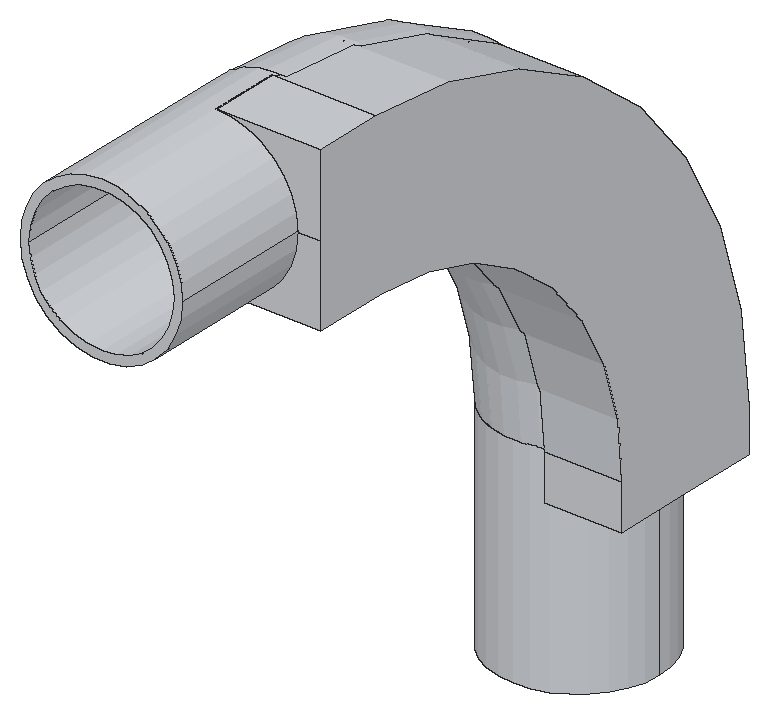
Revit family "PIB25W", category Generic Models, Revit 2017
Family settings
  Can host rebar = No
  Round Connector Dimension = Use Diameter
  Part Type = Normal
  Work Plane-Based = Yes
  Always vertical = No
  Cut with Voids When Loaded = No
  Shared = No
  Room Calculation Point = No
Parameters (values of type "NBS Standard Parameters")
  Weight = "0.0577 Kg"
  WarrantyStartDate [instance] = "1900-12-31T23:59:59"
  WarrantyGuarantorParts = "n/a"
  WarrantyGuarantorLabor = "n/a"
  WarrantyDurationUnit = "1 year"
  WarrantyDurationParts = "n/a"
  WarrantyDurationLabor = "n/a"
  WarrantyDescription = "n/a"
  Version = "1"
  Uniclass2 = "Pr_65_70_11_20"
  TagNumber [instance] = "n/a"
  SustainabilityPerformance = "n/a"
  Size = "25mm"
  Shape = "Circular"
  SerialNumber [instance] = "n/a"
  Revision = "n/a"
  ReplacementCost = "n/a"
  ProductInformation = "www.metpro.co.uk/pdf/pib25w.pdf"
  NominalWidth = 115 mm
  NominalLength = 115 mm
  NominalHeight = 32 mm
  Name = ""
  NBSTypeID = ""
  NBSReference = "90-55-10/460"
  NBSOfficeMasterTag = ""
  NBSNote = ""
  NBSDescription = "Conduit Fittings"
  NBSCertification = ""
  ModelReference = "PIB25W"
  ModelNumber = "n/a"
  Material = "PVC"
  ManufacturerURL = "www.metpro.co.uk"
  ManufacturerName = "Metpro Ltd"
  Keynote = "Manufactured to BS4607 Part 1"
  InstallationDate [instance] = "1900-12-31T23:59:59"
  IfcExportType = ""
  IfcExportAs = ""
  Grade = "n/a"
  Finish = "White"
  Features = "n/a"
  ExpectedLife = "n/a"
  DurationUnit = "year"
  Description = "PIB25W - PVC 25mm Conduit Inspection Bend"
  Default Elevation = 1219.2 mm
  Constituents = "n/a"
  Color = "n/a"
  CodePerformance = "n/a"
  Category = "n/a"
  BarCode [instance] = "n/a"
  BIMObjectName = "Metpro_metprolibrary_conduitfittings_PVCcomponent_accessory"
  Author = "Metpro Ltd"
  AssetType = ""
  AssetIdentifier [instance] = "n/a"
  AccessibilityPerformance = "n/a"
Reference planes
  plane 1 "Center (Front/Back)": y = 0
  plane 2: z = 0
  plane 3 "Center (Left/Right)": x = 0
Forms (mm)
  Sweep 1, solid
    path origin (-10609.448, 178.929, 19.232) x (0, 1, 0) y (0, 0, 1)
      loop
        line (-18.392, 33.336) -> (19.108, 33.336)
        arc (19.108, 33.336) -> (65.07, 14.298) -> (84.108, -31.664) r 65
        line (84.108, -31.664) -> (84.108, -69.164)
    profile origin (-10609.448, 179.288, 52.568) x (0, 0, 1) y (1, 0, 0)
      loop
        circle (0, 0) r 14
      loop
        circle (0, 0) r 12.5
  Extrusion 2, solid
    sketch origin (-10609.448, 178.929, 19.232) x (0, 1, 0) y (0, 0, 1)
      loop
        line (6.202, 47.336) -> (6.202, 33.336) -> (6.202, 19.479) -> (19.249, 19.479)
        arc (19.249, 19.479) -> (55.806, 4.336) -> (70.949, -32.221) r 51.7
        line (70.949, -32.221) -> (70.949, -39.979) -> (84.108, -39.979) -> (98.108, -39.979) -> (98.108, -32.664)
        arc (98.108, -32.664) -> (74.677, 23.904) -> (18.108, 47.336) r 80
        line (18.108, 47.336) -> (6.202, 47.336)
    from 0 to 18
  Sweep 3, void
    path origin (-10609.448, 178.929, 19.232) x (0, 1, 0) y (0, 0, 1)
      loop
        line (-18.392, 33.336) -> (19.108, 33.336)
        arc (19.108, 33.336) -> (65.07, 14.298) -> (84.108, -31.664) r 65
        line (84.108, -31.664) -> (84.108, -69.164)
    profile origin (-10609.448, 179.288, 52.568) x (0, 0, 1) y (1, 0, 0)
      loop
        circle (0, 0) r 12.5
Cuts and joins
  Sweep 3 cuts Sweep 1
  Sweep 3 cuts Extrusion 2
Dimensions and locks
  aligned and locked: level to plane 2
